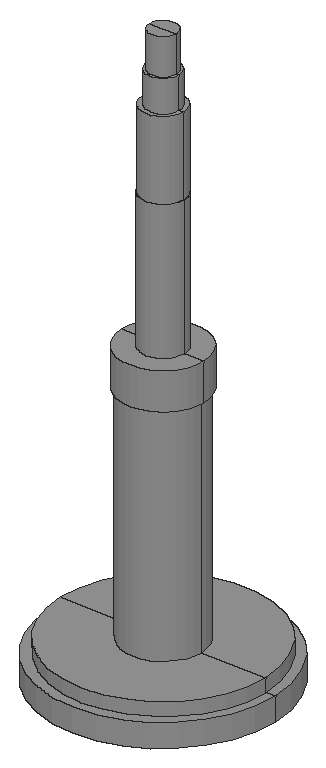
Revit family "Markier- und Spreizwerkzeug E-MSH 12x25", category Generic Models, Revit 2017
Family settings
  Can host rebar = No
  Round Connector Dimension = Use Diameter
  Part Type = Normal
  Work Plane-Based = No
  Always vertical = Yes
  Cut with Voids When Loaded = No
  Shared = No
  Room Calculation Point = No
Parameters (values of type "E-MSH 12x25")
  URL = "http://www.obo-bettermann.com"
  Material = Electrogalvanised
  Manufacturer Art.No. = "3492973"
  Manufacturer = "OBO BETTERMANN"
  GTIN = "4012196709779"
  Article Type = "E-MSH 12x25"
Reference planes
  plane 1 "Center (Front/Back)": y = 0
  plane 2: z = 0
  plane 3 "Center (Left/Right)": x = 0
Forms (mm)
  Revolve 1, solid, material "Electrogalvanised" <- "Material"
    sketch origin (0, 0, 0) x (1, 0, 0) y (0, 0, 1)
      loop
        line (0, 0) -> (8.016, 0) -> (8.016, 15) -> (0, 15) -> (0, 0)
      axis (0, 15) -> (0, 0)
    angle from 0 to 360
  Revolve 2, solid, material "Electrogalvanised" <- "Material"
    sketch origin (0, 0, 0) x (1, 0, 0) y (0, 0, 1)
      loop
        line (0, 15) -> (42.452, 15) -> (42.452, 23.804) -> (0, 23.804) -> (0, 15)
      axis (0, 23.804) -> (0, 15)
    angle from 0 to 360
  Revolve 3, solid, material "Electrogalvanised" <- "Material"
    sketch origin (0, 0, 0) x (1, 0, 0) y (0, 0, 1)
      loop
        line (0, 23.804) -> (38.809, 23.804) -> (38.809, 28.804) -> (0, 28.804) -> (0, 23.804)
      axis (0, 28.804) -> (0, 23.804)
    angle from 0 to 360
  Revolve 4, solid, material "Electrogalvanised" <- "Material"
    sketch origin (0, 0, 0) x (1, 0, 0) y (0, 0, 1)
      loop
        line (0, 28.804) -> (14.472, 28.804) -> (14.472, 113.804) -> (0, 113.804) -> (0, 28.804)
      axis (0, 113.804) -> (0, 28.804)
    angle from 0 to 360
  Revolve 5, solid, material "Electrogalvanised" <- "Material"
    sketch origin (0, 0, 0) x (1, 0, 0) y (0, 0, 1)
      loop
        line (0, 113.804) -> (15.47, 113.804) -> (15.47, 127.819) -> (0, 127.819) -> (0, 113.804)
      axis (0, 127.819) -> (0, 113.804)
    angle from 0 to 360
  Revolve 6, solid, material "Electrogalvanised" <- "Material"
    sketch origin (0, 0, 0) x (1, 0, 0) y (0, 0, 1)
      loop
        line (0, 127.819) -> (8.025, 127.819) -> (8.025, 179.863) -> (0, 179.863) -> (0, 127.819)
      axis (0, 179.863) -> (0, 127.819)
    angle from 0 to 360
  Revolve 7, solid, material "Electrogalvanised" <- "Material"
    sketch origin (0, 0, 0) x (1, 0, 0) y (0, 0, 1)
      loop
        line (0, 179.863) -> (7.812, 179.863) -> (7.812, 209.505) -> (0, 209.505) -> (0, 179.863)
      axis (0, 209.505) -> (0, 179.863)
    angle from 0 to 360
  Revolve 8, solid, material "Electrogalvanised" <- "Material"
    sketch origin (0, 0, 0) x (1, 0, 0) y (0, 0, 1)
      loop
        line (0, 209.505) -> (6.015, 209.505) -> (6.015, 221.412) -> (0, 221.412) -> (0, 209.505)
      axis (0, 221.412) -> (0, 209.505)
    angle from 0 to 360
  Revolve 9, solid, material "Electrogalvanised" <- "Material"
    sketch origin (0, 0, 0) x (1, 0, 0) y (0, 0, 1)
      loop
        line (0, 221.412) -> (5, 221.412) -> (5, 234.996) -> (0, 234.996) -> (0, 221.412)
      axis (0, 234.996) -> (0, 221.412)
    angle from 0 to 360
Dimensions and locks
  locked: Revolve 2 sketch curve to Revolve 2 sketch curve at 8.804
  locked: Revolve 2 sketch curve to Revolve 2 sketch curve at 42.452
  locked: Revolve 2 to Revolve 1 sketch curve at 15
  locked: Revolve 1 sketch curve to Revolve 1 sketch curve at 8.016
  locked: Revolve 4 sketch curve to Revolve 3 at 85
  locked: Revolve 4 sketch curve to Revolve 4 sketch curve at 14.472
  locked: Revolve 5 sketch curve to Revolve 4 at 14.015
  locked: Revolve 5 sketch curve to Revolve 5 sketch curve at 15.47
  locked: Revolve 6 sketch curve to Revolve 5 at 52.044
  locked: Revolve 6 sketch curve to Revolve 6 sketch curve at 8.025
  locked: Revolve 7 sketch curve to Revolve 6 at 29.643
  locked: Revolve 7 sketch curve to Revolve 7 sketch curve at 7.812
  locked: Revolve 8 sketch curve to Revolve 7 at 11.906
  locked: Revolve 8 sketch curve to Revolve 8 sketch curve at 6.015
  locked: Revolve 9 sketch curve to Revolve 8 at 13.585
  locked: Revolve 9 sketch curve to Revolve 9 sketch curve at 5
  aligned and locked: level to plane 2
  aligned and locked: Revolve 1 sketch curve to plane 3 "Center (Left/Right)"
  aligned and locked: Revolve 2 sketch curve to plane 3 "Center (Left/Right)"
  aligned and locked: Revolve 3 sketch curve to plane 3 "Center (Left/Right)"
  aligned and locked: Revolve 4 sketch curve to plane 3 "Center (Left/Right)"
  aligned and locked: Revolve 5 sketch curve to plane 3 "Center (Left/Right)"
  aligned and locked: Revolve 6 sketch curve to plane 3 "Center (Left/Right)"
  aligned and locked: Revolve 6 to Revolve 7 sketch curve
  aligned and locked: Revolve 7 sketch curve to plane 3 "Center (Left/Right)"
  aligned and locked: Revolve 8 sketch curve to plane 3 "Center (Left/Right)"
  aligned and locked: Revolve 9 sketch curve to plane 3 "Center (Left/Right)"
